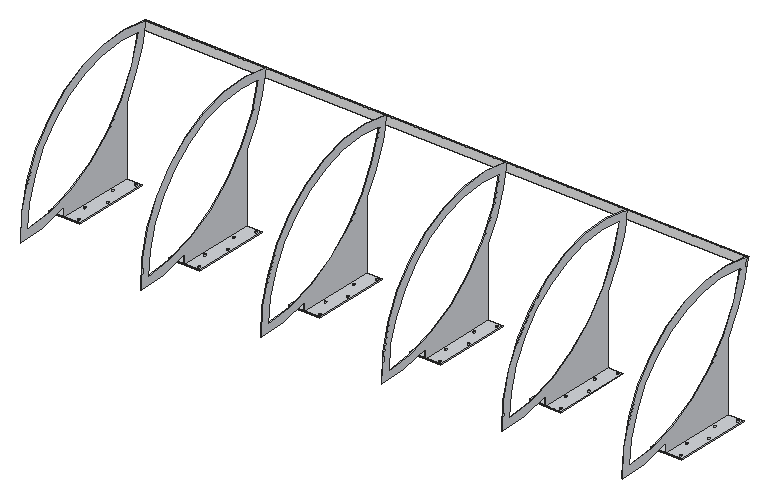
Revit family "9888 Парковка для колясок и велосипедов 05 Хоббика", category Антураж, Revit 2018
Family settings
  На основе рабочей плоскости = Нет
  Всегда вертикально = Да
  При загрузке вырезать с полостями = Нет
  Источник визуального образа = Геометрия семейства
  Общий = Нет
  Точка расчета площади = Нет
Parameters (values of type "Парковка для колясок и велосипедов 05")
  Ширина = 1010 mm  # constant formula
  Цвет каркаса = Сталь
  Описание = "Парковка для колясок и велосипедов 05"  # constant formula
  Материал изделия = "Сталь"  # constant formula
  Изображение типоразмера = Парковка для колясок и велосипедов 05 Арт 9888.jpg
  Изготовитель = "ООО «Хоббика»"  # constant formula
  Длина = 4080 mm  # constant formula
  Группа модели = "Велопарковки"  # constant formula
  Высота = 870 mm  # constant formula
  Артикул товара = "Арт. 9888"  # constant formula
  URL = "https://hobbyka.ru/product/parkovka_dlya_kolyasok_i_velosipedov_05/"
Reference planes
  plane 1 "По центру (Вперед/Назад)": y = 0
  plane 2: z = 0
  plane 3 "По центру (Влево/Вправо)": x = 0
  plane 4: x = 4080
  plane 5: y = 1010
Forms (mm)
  Extrusion 1, solid, material "Сталь" <- "Цвет каркаса"
    sketch origin (0, 849.222, 0) x (0, -1, 0) y (0, 0, -1)
      loop
        arc (-160.245, -848.177) -> (-155.361, -849.321) -> (-150.469, -850.434) r 820.938
        arc (-150.469, -850.434) -> (-146.533, -825.71) -> (-141.965, -801.095) r 978.392
        arc (-141.965, -801.095) -> (-146.839, -799.968) -> (-151.706, -798.809) r 770.938
        arc (-151.706, -798.809) -> (-156.289, -823.439) -> (-160.245, -848.177) r 988.392
    from 97.5 to 3982.5
Dimensions and locks
  "Длина": plane 3 "По центру (Влево/Вправо)" to plane 4
  "Ширина": plane 5 to plane 1 "По центру (Вперед/Назад)"
  aligned and locked: level to plane 2
Automatic sketch dimensions
  Extrusion 1 sketch curve to plane 1 "По центру (Вперед/Назад)" = 31.58 mm
  Extrusion 1 sketch curve to plane 5 = 0.533 mm
  Extrusion 1 sketch curve to Extrusion 1 sketch curve = 0 mm  (x4)
  Extrusion 1 sketch curve to Extrusion 1 sketch curve = 9.741 mm
  Extrusion 1 sketch curve to Extrusion 1 sketch curve = 2.257 mm
  level to Extrusion 1 sketch curve = 49.416 mm
  Extrusion 1 sketch curve to Extrusion 1 sketch curve = 9.776 mm
  Extrusion 1 sketch curve to plane 5 = 9.072 mm
  Extrusion 1 sketch curve to Extrusion 1 sketch curve = 49.368 mm
Nested families
  nested 1: "Парковка для колясок и велосипедов 05 опорная стойка" at (100, 348.227, 0) x (-1, 0, 0) z (0, 0, 1), type "Парковка для колясок и велосипедов 05 опорная стойка"
  nested 2: "Парковка для колясок и велосипедов 05 опорная стойка" at (3980, 348.227, 0) x (-1, 0, 0) z (0, 0, 1), type "Парковка для колясок и велосипедов 05 опорная стойка"
  nested 3: "Парковка для колясок и велосипедов 05 опорная стойка" at (876, 348.227, 0) x (-1, 0, 0) z (0, 0, 1), type "Парковка для колясок и велосипедов 05 опорная стойка"
  nested 4: "Парковка для колясок и велосипедов 05 опорная стойка" at (1652, 348.227, 0) x (-1, 0, 0) z (0, 0, 1), type "Парковка для колясок и велосипедов 05 опорная стойка"
  nested 5: "Парковка для колясок и велосипедов 05 опорная стойка" at (2428, 348.227, 0) x (-1, 0, 0) z (0, 0, 1), type "Парковка для колясок и велосипедов 05 опорная стойка"
  nested 6: "Парковка для колясок и велосипедов 05 опорная стойка" at (3204, 348.227, 0) x (-1, 0, 0) z (0, 0, 1), type "Парковка для колясок и велосипедов 05 опорная стойка"
Definition of nested family "Парковка для колясок и велосипедов 05 опорная стойка"
  Parameters (values of type "Парковка для колясок и велосипедов 05 опорная стойка")
    Цвет стойки = none
    Height = 0 mm
  Reference planes
    plane 1 "По центру (Вперед/Назад)": y = 0
    plane 2: z = 0
    plane 3 "По центру (Влево/Вправо)": x = 0
  Forms (mm)
    Extrusion 1, solid, material <- "Цвет стойки"
      sketch origin (0, 0, 0) x (0, 1, 0) y (0, 0, 1)
        loop
          arc (348.227, 9.015) -> (55.002, 679.104) -> (-656.354, 849.321) r 820.938
          arc (-656.354, 849.321) -> (-600.835, 637.94) -> (-500, 444.042) r 983.392
          line (-500, 444.042) -> (-500, 5) -> (0, 5) -> (0, 60.882)
          arc (0, 60.882) -> (171.773, 19.238) -> (348.227, 9.015) r 983.392
        loop
          arc (299.166, 58.672) -> (22.921, 640.753) -> (-598.811, 809.806) r 770.938
          arc (-598.811, 809.806) -> (-282.222, 275.955) -> (299.166, 58.672) r 933.392
      from -2.5 to 2.5
    Extrusion 2, solid, material <- "Цвет стойки"
      sketch origin (0, 0, 0) x (1, 0, 0) y (0, 1, 0)
        loop
          line (-100, 0) -> (-100, -500) -> (100, -500) -> (100, 0) -> (-100, 0)
      from 0 to 5
    Extrusion 3, solid
      sketch origin (0, 0, 5) x (1, 0, 0) y (0, 1, 0)
        loop
          circle (-80, -20) r 5
        loop
          circle (-25, -135) r 5
        loop
          circle (-80, -250) r 5
        loop
          circle (-80, -480) r 5
        loop
          circle (-25, -365) r 5
        loop
          circle (80, -20) r 5
        loop
          circle (25, -135) r 5
        loop
          circle (80, -250) r 5
        loop
          circle (80, -480) r 5
        loop
          circle (25, -365) r 5
      from 0 to 2.5
  Dimensions and locks
    aligned and locked: level to plane 2
